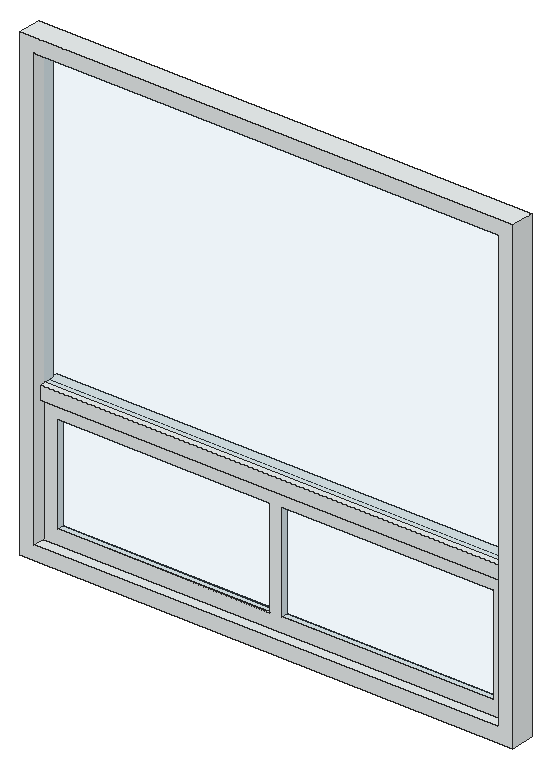
Revit family
Parameters
  Type Comments = "AW"
  Assembly Code = ""
  Height = 2000 mm
  기본 씰 높이 = 1000 mm
  Wall Closure = (empty or 0)
  Width = 2100 mm
Reference planes
  plane 1: y = 0
  plane 2 "중심(왼쪽/오른쪽)": x = 0
  plane 3 "좌측면": x = -1050
  plane 4 "우측면": x = 1050
  plane 5 "씰": z = 1000
  plane 6 "헤드": z = 3000
  plane 7 "외부": y = 75
  plane 8 "내부": y = -75
  plane 9 "중앙선": y = 0
  plane 10 "왼쪽 유리면": y = -10
  plane 11 "오른쪽유리면": y = 30
  plane 12: x = 0
  plane 13: x = 477.5
  plane 14: x = -477.5
Forms (mm)
  Sweep 1, solid, material "창문틀"
    path origin (0, 0, 0) x (1, 0, 0) y (0, 0, 1)
      loop
        line (1050, 3000) -> (-1050, 3000) -> (-1050, 1000) -> (1050, 1000) -> (1050, 3000)
    profile origin (0, 0, 3000) x (0, 0, -1) y (0, -1, 0)
      loop
        line (0, -25) -> (60, -25) -> (60, 75) -> (0, 75) -> (0, -25)
  Extrusion 2, solid, material "창문틀"
    sketch origin (0, -75, 0) x (1, 0, 0) y (0, 0, 1)
      loop
        line (-990, 1660) -> (-990, 1600) -> (990, 1600) -> (990, 1660) -> (-990, 1660)
    from -30 to -120
  Extrusion 3, solid, material "창문틀"
    sketch origin (0, -75, 0) x (1, 0, 0) y (0, 0, 1)
      loop
        line (-990, 1600) -> (-990, 1060) -> (990, 1060) -> (990, 1600) -> (-990, 1600)
      loop
        line (-930, 1540) -> (-930, 1120) -> (-25, 1120) -> (-25, 1540) -> (-930, 1540)
      loop
        line (930, 1120) -> (930, 1540) -> (25, 1540) -> (25, 1120) -> (930, 1120)
    from -50 to -75
  Extrusion 4, solid, material "유리"
    sketch origin (0, -75, 0) x (1, 0, 0) y (0, 0, 1)
      loop
        line (-990, 2940) -> (-990, 1660) -> (990, 1660) -> (990, 2940) -> (-990, 2940)
      loop
        line (-930, 1540) -> (-930, 1120) -> (930, 1120) -> (930, 1540) -> (-930, 1540)
    from -50 to -75
Lines and regions (mm)
  Opening 1
    outline origin (3500, -75, 0) x (1, 0, 0) y (0, 0, 1)
      loop
        line (-2450, 1000) -> (-2450, 3000) -> (-4550, 3000) -> (-4550, 1000) -> (-2450, 1000)
  symbolic lines, style "Windows"
    curve 1: line (-1050, -75, 0) -> (-1000, -75, 0)
    curve 2: line (-1050, 25, 0) -> (-1050, -75, 0)
    curve 3: line (-1000, 25, 0) -> (-1050, 25, 0)
    curve 4: line (-1000, -75, 0) -> (-1000, 25, 0)
    curve 5: line (1050, -75, 0) -> (1000, -75, 0)
    curve 6: line (1050, 25, 0) -> (1050, -75, 0)
    curve 7: line (1000, 25, 0) -> (1050, 25, 0)
    curve 8: line (1000, -75, 0) -> (1000, 25, 0)
    curve 9: line (-1000, 25, 0) -> (1000, 25, 0)
    curve 10: line (1000, -75, 0) -> (-1000, -75, 0)
    curve 11: line (1000, -25, 0) -> (-1000, -25, 0)
  model lines
    curve 12: line (25, 75, 1120) -> (-25, 75, 1120)
  symbolic lines
    curve 13: line (930, 75, 1120) -> (477.5, 75, 1540)
    curve 14: line (477.5, 75, 1540) -> (25, 75, 1120)
    curve 15: line (-25, 75, 1120) -> (-477.5, 75, 1540)
    curve 16: line (-477.5, 75, 1540) -> (-930, 75, 1120)
Text (mm)
  text "외부" at (-1963.203, 1332.353, 0), in view "참조 레벨"
  text "내부" at (-1981.466, -818.386, 0), in view "참조 레벨"
  text "외부" at (0, 923.751, 2943.296), in view "우측면"
  text "외부" at (0, 1040.484, 2685.409), in view "좌측면"
Dimensions and locks
  equal spacing: plane 3 "좌측면", plane 2 "중심(왼쪽/오른쪽)", plane 4 "우측면"
  "Width": plane 3 "좌측면" to plane 4 "우측면"
  "Height": plane 5 "씰" to plane 6 "헤드"
  "기본 씰 높이": plane 5 "씰" to level
  locked: plane 7 "외부" to host wall at 0
  locked: plane 8 "내부" to host wall
  curve 11 to Sweep 1 = 50 mm
  curve 3 to curve 1 = 100 mm
  locked: Extrusion 3 sketch curve to Extrusion 3 sketch curve at 50
  aligned and locked: Sweep 1 sketch curve to plane 8 "내부"
  aligned and locked: plane 12 to plane 2 "중심(왼쪽/오른쪽)"
  aligned: Extrusion 4 to curve 16
Automatic sketch dimensions
  Opening 1 sketch curve to plane 3 "좌측면" = 0 mm
  Opening 1 sketch curve to plane 4 "우측면" = 0 mm
  Opening 1 sketch curve to plane 5 "씰" = 0 mm
  Opening 1 sketch curve to plane 6 "헤드" = 0 mm
  Sweep 1 sketch curve to profile plane = 0 mm
  Sweep 1 sketch curve to profile plane = 60 mm
  Sweep 1 sketch curve to plane 9 "중앙선" = 25 mm
  curve 1 to host wall = 0 mm
  curve 1 to plane 3 "좌측면" = 0 mm
  curve 6 to plane 4 "우측면" = 0 mm
  curve 4 to plane 3 "좌측면" = 50 mm
  plane 4 "우측면" to curve 5 = 50 mm
  Sweep 1 sketch curve to plane 3 "좌측면" = 0 mm
  Sweep 1 sketch curve to plane 4 "우측면" = 0 mm
  Sweep 1 sketch curve to plane 5 "씰" = 0 mm
  Sweep 1 sketch curve to plane 6 "헤드" = 0 mm
  Extrusion 4 sketch curve to plane 3 "좌측면" = 60 mm
  Extrusion 4 sketch curve to plane 3 "좌측면" = 120 mm
  plane 4 "우측면" to Extrusion 4 sketch curve = 120 mm
  plane 4 "우측면" to Extrusion 4 sketch curve = 60 mm
  Extrusion 4 sketch curve to plane 5 "씰" = 120 mm
  Extrusion 4 sketch curve to Extrusion 4 sketch curve = 420 mm
  Extrusion 4 sketch curve to Extrusion 4 sketch curve = 120 mm
  plane 6 "헤드" to Extrusion 4 sketch curve = 60 mm
  Extrusion 2 sketch curve to plane 3 "좌측면" = 60 mm
  plane 4 "우측면" to Extrusion 2 sketch curve = 60 mm
  Extrusion 2 sketch curve to plane 5 "씰" = 600 mm
  Extrusion 2 sketch curve to Extrusion 2 sketch curve = 60 mm
  Extrusion 3 sketch curve to plane 3 "좌측면" = 120 mm
  Extrusion 3 sketch curve to plane 3 "좌측면" = 60 mm
  plane 4 "우측면" to Extrusion 3 sketch curve = 120 mm
  plane 4 "우측면" to Extrusion 3 sketch curve = 60 mm
  Extrusion 3 sketch curve to plane 5 "씰" = 60 mm
  Extrusion 3 sketch curve to Extrusion 3 sketch curve = 60 mm  (x3)
  plane 2 "중심(왼쪽/오른쪽)" to Extrusion 3 sketch curve = 25 mm
  Extrusion 3 sketch curve to Extrusion 3 sketch curve = 420 mm
  Extrusion 3 sketch curve to Extrusion 3 sketch curve = 0 mm
  curve 15 to plane 14 = 0 mm
  curve 13 to plane 13 = 0 mm
  curve 16 to plane 3 "좌측면" = 120 mm
  curve 15 to plane 2 "중심(왼쪽/오른쪽)" = 25 mm
  plane 2 "중심(왼쪽/오른쪽)" to curve 14 = 25 mm
  plane 4 "우측면" to curve 13 = 120 mm
  curve 12 to plane 5 "씰" = 120 mm
  curve 13 to plane 5 "씰" = 120 mm
  curve 16 to plane 5 "씰" = 120 mm
  curve 15 to plane 5 "씰" = 540 mm
  curve 13 to plane 5 "씰" = 540 mm
